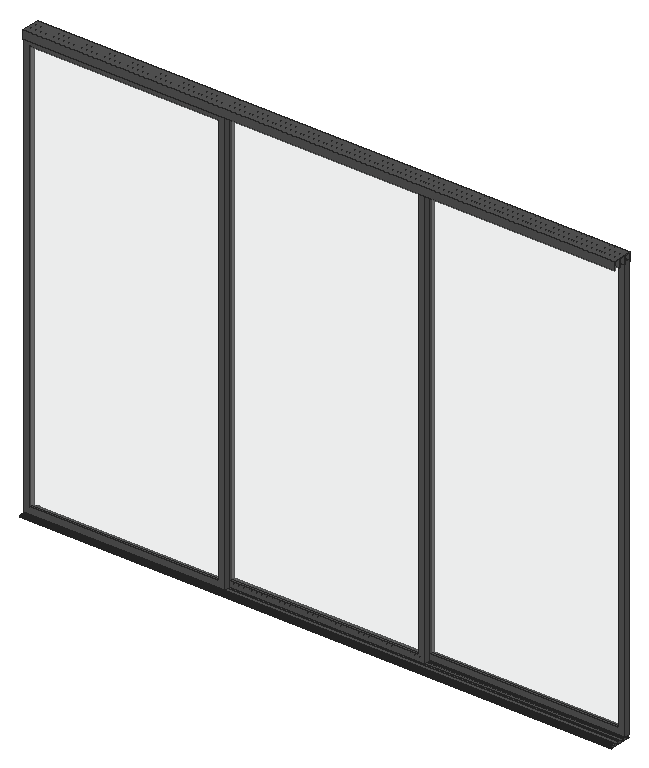
Revit family "Door_FTS RD_The Sliding Door Company_1.5F 3-Panel Triple Track (Ramped)", category Doors, host Wall, Revit 2019
Family settings
  Host = Wall
  OmniClass Number = 23.30.10.00
  OmniClass Title = Doors
  Always vertical = Yes
  Cut with Voids When Loaded = No
  Shared = No
  Room Calculation Point = No
Parameters (values of type "FTS Room Divider - 1.5F 3 Panel 3 Track - ABC/CBA")
  Upper Track Material [instance] = TSDC - Casing/Upper Track - Powder Coated Black
  URL = "https://www.slidingdoorco.com"
  Thickness = 1 1/4"  # constant formula
  Stile/Rail = 1 1/2"  # constant formula
  Rough Width = Finished Opening Width + 5/8" * 2  # 148 1/4"
  Rough Height = Finished Opening Height + 5/8"  # 108 5/8"
  Panel Width = Width / 3 + 1"  # 50"
  Panel Height = Height - 2 1/4"  # 105 3/4"
  Open [instance] = no
  Model = "FTS Room Divider - Full Height System"  # constant formula
  Manufacturer = "The Sliding Door Company"  # constant formula
  Limitations = "Panel Width x System Height cannot exceed 7,400 square inches"  # constant formula
  Glass Thickness = "Available in: 5mm Tempered, 7mm,10mm,11mm Laminated Glass"  # constant formula
  Glass Material [instance] = TSDC - Glass - Clear
  Function = Interior
  Height = if(Finished Opening Height > 108", 108", Finished Opening Height)  # 108"
  Wall Closure = By host
  Width = if(Finished Opening Width > 147", 147", Finished Opening Width)  # 147"
  Fire Rating = "N/A"  # constant formula
  Finished Opening Width = 147"
  Finished Opening Height = 108"
  Door Casing Material [instance] = TSDC - Casing/Upper Track - Powder Coated Black
  Description = "1.5 Frame 3 Panel System with Triple Track (Ramped)"  # constant formula
  Contact The Sliding Door Company = "https://www.slidingdoorco.com/contact"
  Construction Type = "Top Mounted, Ramped Bottom Track"  # constant formula
  Configuration = "ABC/CBA Configuration"  # constant formula
  Closed [instance] = not(Open)  # yes
  Bottom Track Material [instance] = TSDC - Bottom Track - Powder Coated Black
  Analytic Construction = "<None>"
  1 1/2" Frame (No Support Dividers) = "Max. H=108 in., Max. W=147 in. (50 in. panel width)"  # constant formula
Reference planes (in)
  plane 1 "Center (Front/Back)": y = 0
  plane 2 "Center (Left/Right)": x = 0
  plane 3 "Top": z = 108
  plane 4 "Exterior": y = 3
  plane 5 "Interior": y = -3
  plane 6: x = -73.5
  plane 7: x = 73.5
  plane 8: z = 0.625
  plane 9 "2": z = 106.375
  plane 10 "3": z = 107.25
  plane 11: y = -0.67851
  plane 12: x = -24.5
  plane 13: x = 24.5
  plane 14 "Top": z = 96
  plane 15 "2": z = 94.375
  plane 16 "3": z = 95.25
  plane 17 "Top": z = 96
  plane 18 "2": z = 94.375
  plane 19 "3": z = 95.25
  plane 20 "Top": z = 80
  plane 21: x = -50
  plane 22: x = 50
  plane 23 "2": z = 78.375
  plane 24 "3": z = 79.25
Forms (in)
  Extrusion 1, solid, material "TSDC - Casing/Upper Track - Powder Coated Black" <- "Upper Track Material"
    sketch origin (0, 1.25781, 0) x (0, 1, 0) y (0, 0, 1)
      loop
        line (1.74219, 108) -> (-2.99219, 108) -> (-2.99219, 105.875) -> (-2.93359, 105.875) -> (-2.93359, 107.94141) -> (-1.43359, 107.94141) -> (-1.43359, 105.875) -> (-1.375, 105.875) -> (-1.375, 107.94141) -> (0.125, 107.94141) -> (0.125, 105.875) -> (0.18359, 105.875) -> (0.18359, 107.94141) -> (1.68359, 107.94141) -> (1.68359, 105.875) -> (1.74219, 105.875) -> (1.74219, 108)
    from -73.5 to 73.5
  Extrusion 2, solid, material "TSDC - Casing/Upper Track - Powder Coated Black" <- "Door Casing Material", visible <- "Closed"
    sketch origin (47.66587, 2.81641, 0) x (1, 0, 0) y (0, 0, 1)
      loop
        line (25.83413, 106.375) -> (-24.16587, 106.375) -> (-24.16587, 0.625) -> (25.83413, 0.625) -> (25.83413, 106.375)
      loop
        line (24.33413, 104.875) -> (-22.66587, 104.875) -> (-22.66587, 2.125) -> (24.33413, 2.125) -> (24.33413, 104.875)
    from 0 to 1.25
  Extrusion 3, solid, material "TSDC - Glass - Clear" <- "Glass Material", visible <- "Closed"
    sketch origin (47.66587, 2.31641, 0) x (1, 0, 0) y (0, 0, 1)
      loop
        line (24.33413, 104.875) -> (-22.66587, 104.875) -> (-22.66587, 2.125) -> (24.33413, 2.125) -> (24.33413, 104.875)
    from 0 to 0.25
  Extrusion 4, solid, material "TSDC - Bottom Track - Powder Coated Black" <- "Bottom Track Material"
    sketch origin (0, 0.8784, 0.00198) x (0, 1, 0) y (0, 0, 1)
      loop
        line (1.17662, -0.00198) -> (1.7466, -0.00198) -> (1.7466, 0.11422) -> (1.63872, 0.16601) -> (1.5898, 0.16) -> (1.58595, 0.19134) -> (1.49638, 0.23434) -> (1.44746, 0.22833) -> (1.44362, 0.25967) -> (1.35493, 0.30224) -> (1.30601, 0.29623) -> (1.30216, 0.32757) -> (1.21825, 0.36785)
        arc (1.21825, 0.36785) -> (1.19583, 0.37043) -> (1.17662, 0.35859) r 0.03449
        line (1.17662, 0.35859) -> (1.17662, 0.26961) -> (1.14379, 0.26961) -> (1.14379, 0.30227) -> (1.11271, 0.30227) -> (1.11271, 0.05752) -> (1.14379, 0.05752) -> (1.14379, 0.08934) -> (1.17662, 0.08934) -> (1.17662, -0.00198)
      loop
        line (1.6966, 0.05) -> (1.6966, 0.08276) -> (1.2346, 0.30454) -> (1.2346, 0.05) -> (1.6966, 0.05)
    from -73.5 to 73.5
  Extrusion 5, solid, material "TSDC - Bottom Track - Powder Coated Black" <- "Bottom Track Material"
    sketch origin (0, 0.8784, 0.00198) x (0, 1, 0) y (0, 0, 1)
      loop
        arc (1.17662, 0.34104) -> (1.17081, 0.35508) -> (1.15677, 0.36093) r 0.01985
        line (1.15677, 0.36093) -> (1.07541, 0.36093)
        arc (1.07541, 0.36093) -> (1.06136, 0.3551) -> (1.05556, 0.34103) r 0.01985
        line (1.05556, 0.34103) -> (1.05556, 0.20299) -> (0.9831, 0.20299) -> (0.9831, 0.28602)
        arc (0.9831, 0.28602) -> (0.87384, 0.39506) -> (0.76472, 0.28588) r 0.10919
        line (0.76472, 0.28588) -> (0.82428, 0.28588)
        arc (0.82428, 0.28588) -> (0.87397, 0.3355) -> (0.92354, 0.28575) r 0.04963
        line (0.92354, 0.28575) -> (0.92354, 0.14753) -> (1.05556, 0.10767) -> (1.05556, 0.05757) -> (0.38753, 0.05757) -> (0.38753, 0.36093) -> (-0.56932, 0.36093) -> (-0.56932, 0.20299) -> (-0.64178, 0.20299) -> (-0.64178, 0.28602)
        arc (-0.64178, 0.28602) -> (-0.75104, 0.39506) -> (-0.86016, 0.28588) r 0.10919
        line (-0.86016, 0.28588) -> (-0.8006, 0.28588)
        arc (-0.8006, 0.28588) -> (-0.75091, 0.3355) -> (-0.70134, 0.28575) r 0.04963
        line (-0.70134, 0.28575) -> (-0.70134, 0.14753) -> (-0.56932, 0.10767) -> (-0.56932, 0.05757) -> (-1.23735, 0.05757) -> (-1.23735, 0.36093) -> (-2.19421, 0.36093) -> (-2.19421, 0.20299) -> (-2.26667, 0.20299) -> (-2.26667, 0.28602)
        arc (-2.26667, 0.28602) -> (-2.37592, 0.39506) -> (-2.48504, 0.28588) r 0.10919
        line (-2.48504, 0.28588) -> (-2.42548, 0.28588)
        arc (-2.42548, 0.28588) -> (-2.37579, 0.3355) -> (-2.32622, 0.28575) r 0.04963
        line (-2.32622, 0.28575) -> (-2.32622, 0.14753) -> (-2.19421, 0.10767) -> (-2.19421, 0.05757) -> (-2.86223, 0.05757) -> (-2.86223, 0.34103)
        arc (-2.86223, 0.34103) -> (-2.86803, 0.3551) -> (-2.88208, 0.36093) r 0.01985
        line (-2.88208, 0.36093) -> (-2.96344, 0.36093)
        arc (-2.96344, 0.36093) -> (-2.97751, 0.35509) -> (-2.9833, 0.341) r 0.01985
        line (-2.9833, 0.341) -> (-2.9833, 0.26961) -> (-2.95059, 0.26961) -> (-2.95059, 0.30227) -> (-2.91939, 0.30227) -> (-2.91939, 0.05752) -> (-2.95046, 0.05752) -> (-2.95046, 0.08934) -> (-2.9833, 0.08934) -> (-2.9833, -0.00198) -> (-2.13705, -0.00198) -> (-2.10598, 0.05752) -> (-2.13705, 0.05752) -> (-2.13705, 0.30227) -> (-1.29451, 0.30227) -> (-1.29451, 0.05752) -> (-1.32558, 0.05752) -> (-1.29451, -0.00198) -> (-0.51217, -0.00198) -> (-0.4811, 0.05752) -> (-0.51217, 0.05752) -> (-0.51217, 0.30227) -> (0.33038, 0.30227) -> (0.33038, 0.05752) -> (0.2993, 0.05752) -> (0.33038, -0.00198) -> (1.17662, -0.00198) -> (1.17662, 0.08934) -> (1.14379, 0.08934) -> (1.14379, 0.05752) -> (1.11271, 0.05752) -> (1.11271, 0.30227) -> (1.14379, 0.30227) -> (1.14379, 0.26961) -> (1.17662, 0.26961) -> (1.17662, 0.34104)
    from -73.5 to 73.5
  Extrusion 6, solid, material "TSDC - Bottom Track - Powder Coated Black" <- "Bottom Track Material"
    sketch origin (0, -0.92827, 0.00198) x (0, -1, 0) y (0, 0, -1)
      loop
        line (1.17662, 0.00198) -> (1.17662, -0.08934) -> (1.14379, -0.08934) -> (1.14379, -0.05752) -> (1.11271, -0.05752) -> (1.11271, -0.30227) -> (1.14379, -0.30227) -> (1.14379, -0.26961) -> (1.17662, -0.26961) -> (1.17662, -0.35859)
        arc (1.17662, -0.35859) -> (1.19583, -0.37043) -> (1.21825, -0.36785) r 0.03449
        line (1.21825, -0.36785) -> (1.30216, -0.32757) -> (1.30601, -0.29623) -> (1.35493, -0.30224) -> (1.44362, -0.25967) -> (1.44746, -0.22833) -> (1.49638, -0.23434) -> (1.58595, -0.19134) -> (1.5898, -0.16) -> (1.63872, -0.16601) -> (1.7466, -0.11422) -> (1.7466, 0.00198) -> (1.17662, 0.00198)
      loop
        line (1.6966, -0.05) -> (1.2346, -0.05) -> (1.2346, -0.30454) -> (1.6966, -0.08276) -> (1.6966, -0.05)
    from -73.5 to 73.5
  Extrusion 7, solid, material "TSDC - Casing/Upper Track - Powder Coated Black" <- "Door Casing Material", visible <- "Closed"
    sketch origin (-11.83413, 1.25781, 0) x (1, 0, 0) y (0, 0, 1)
      loop
        line (36.83413, 106.375) -> (-13.16587, 106.375) -> (-13.16587, 0.625) -> (36.83413, 0.625) -> (36.83413, 106.375)
      loop
        line (35.33413, 104.875) -> (-11.66587, 104.875) -> (-11.66587, 2.125) -> (35.33413, 2.125) -> (35.33413, 104.875)
    from 0 to 1.25
  Extrusion 8, solid, material "TSDC - Glass - Clear" <- "Glass Material", visible <- "Closed"
    sketch origin (-11.83413, 0.75781, 0) x (1, 0, 0) y (0, 0, 1)
      loop
        line (35.33413, 104.875) -> (-11.66587, 104.875) -> (-11.66587, 2.125) -> (35.33413, 2.125) -> (35.33413, 104.875)
    from 0 to 0.25
  Extrusion 9, solid, material "TSDC - Casing/Upper Track - Powder Coated Black" <- "Door Casing Material", visible <- "Closed"
    sketch origin (-71.33413, -0.30078, 0) x (1, 0, 0) y (0, 0, 1)
      loop
        line (47.83413, 106.375) -> (-2.16587, 106.375) -> (-2.16587, 0.625) -> (47.83413, 0.625) -> (47.83413, 106.375)
      loop
        line (46.33413, 104.875) -> (-0.66587, 104.875) -> (-0.66587, 2.125) -> (46.33413, 2.125) -> (46.33413, 104.875)
    from 0 to 1.25
  Extrusion 10, solid, material "TSDC - Glass - Clear" <- "Glass Material", visible <- "Closed"
    sketch origin (-71.33413, -0.80078, 0) x (1, 0, 0) y (0, 0, 1)
      loop
        line (46.33413, 104.875) -> (-0.66587, 104.875) -> (-0.66587, 2.125) -> (46.33413, 2.125) -> (46.33413, 104.875)
    from 0 to 0.25
  Extrusion 11, solid, material "TSDC - Casing/Upper Track - Powder Coated Black", not visible
    sketch origin (0, 0.8784, 0.00198) x (0, 1, 0) y (0, 0, 1)
      loop
        line (1.17662, -0.00198) -> (1.7466, -0.00198) -> (1.7466, 0.11422) -> (1.63872, 0.16601) -> (1.5898, 0.16) -> (1.58595, 0.19134) -> (1.49638, 0.23434) -> (1.44746, 0.22833) -> (1.44362, 0.25967) -> (1.35493, 0.30224) -> (1.30601, 0.29623) -> (1.30216, 0.32757) -> (1.21825, 0.36785)
        arc (1.21825, 0.36785) -> (1.19583, 0.37043) -> (1.17662, 0.35859) r 0.03449
        line (1.17662, 0.35859) -> (1.17662, 0.26961) -> (1.14379, 0.26961) -> (1.14379, 0.30227) -> (1.11271, 0.30227) -> (1.11271, 0.05752) -> (1.14379, 0.05752) -> (1.14379, 0.08934) -> (1.17662, 0.08934) -> (1.17662, -0.00198)
      loop
        line (1.6966, 0.05) -> (1.6966, 0.08276) -> (1.2346, 0.30454) -> (1.2346, 0.05) -> (1.6966, 0.05)
    from -50 to 50
  Extrusion 12, solid, material "TSDC - Casing/Upper Track - Powder Coated Black", not visible
    sketch origin (0, 0.8784, 0.00198) x (0, 1, 0) y (0, 0, 1)
      loop
        arc (1.17662, 0.34104) -> (1.17081, 0.35508) -> (1.15677, 0.36093) r 0.01985
        line (1.15677, 0.36093) -> (1.07541, 0.36093)
        arc (1.07541, 0.36093) -> (1.06136, 0.3551) -> (1.05556, 0.34103) r 0.01985
        line (1.05556, 0.34103) -> (1.05556, 0.20299) -> (0.9831, 0.20299) -> (0.9831, 0.28602)
        arc (0.9831, 0.28602) -> (0.87384, 0.39506) -> (0.76472, 0.28588) r 0.10919
        line (0.76472, 0.28588) -> (0.82428, 0.28588)
        arc (0.82428, 0.28588) -> (0.87397, 0.3355) -> (0.92354, 0.28575) r 0.04963
        line (0.92354, 0.28575) -> (0.92354, 0.14753) -> (1.05556, 0.10767) -> (1.05556, 0.05757) -> (0.38753, 0.05757) -> (0.38753, 0.36093) -> (-0.56932, 0.36093) -> (-0.56932, 0.20299) -> (-0.64178, 0.20299) -> (-0.64178, 0.28602)
        arc (-0.64178, 0.28602) -> (-0.75104, 0.39506) -> (-0.86016, 0.28588) r 0.10919
        line (-0.86016, 0.28588) -> (-0.8006, 0.28588)
        arc (-0.8006, 0.28588) -> (-0.75091, 0.3355) -> (-0.70134, 0.28575) r 0.04963
        line (-0.70134, 0.28575) -> (-0.70134, 0.14753) -> (-0.56932, 0.10767) -> (-0.56932, 0.05757) -> (-1.23735, 0.05757) -> (-1.23735, 0.36093) -> (-2.19421, 0.36093) -> (-2.19421, 0.20299) -> (-2.26667, 0.20299) -> (-2.26667, 0.28602)
        arc (-2.26667, 0.28602) -> (-2.37592, 0.39506) -> (-2.48504, 0.28588) r 0.10919
        line (-2.48504, 0.28588) -> (-2.42548, 0.28588)
        arc (-2.42548, 0.28588) -> (-2.37579, 0.3355) -> (-2.32622, 0.28575) r 0.04963
        line (-2.32622, 0.28575) -> (-2.32622, 0.14753) -> (-2.19421, 0.10767) -> (-2.19421, 0.05757) -> (-2.86223, 0.05757) -> (-2.86223, 0.34103)
        arc (-2.86223, 0.34103) -> (-2.86803, 0.3551) -> (-2.88208, 0.36093) r 0.01985
        line (-2.88208, 0.36093) -> (-2.96344, 0.36093)
        arc (-2.96344, 0.36093) -> (-2.97751, 0.35509) -> (-2.9833, 0.341) r 0.01985
        line (-2.9833, 0.341) -> (-2.9833, 0.26961) -> (-2.95059, 0.26961) -> (-2.95059, 0.30227) -> (-2.91939, 0.30227) -> (-2.91939, 0.05752) -> (-2.95046, 0.05752) -> (-2.95046, 0.08934) -> (-2.9833, 0.08934) -> (-2.9833, -0.00198) -> (-2.13705, -0.00198) -> (-2.10598, 0.05752) -> (-2.13705, 0.05752) -> (-2.13705, 0.30227) -> (-1.29451, 0.30227) -> (-1.29451, 0.05752) -> (-1.32558, 0.05752) -> (-1.29451, -0.00198) -> (-0.51217, -0.00198) -> (-0.4811, 0.05752) -> (-0.51217, 0.05752) -> (-0.51217, 0.30227) -> (0.33038, 0.30227) -> (0.33038, 0.05752) -> (0.2993, 0.05752) -> (0.33038, -0.00198) -> (1.17662, -0.00198) -> (1.17662, 0.08934) -> (1.14379, 0.08934) -> (1.14379, 0.05752) -> (1.11271, 0.05752) -> (1.11271, 0.30227) -> (1.14379, 0.30227) -> (1.14379, 0.26961) -> (1.17662, 0.26961) -> (1.17662, 0.34104)
    from -50 to 50
  Extrusion 13, solid, material "TSDC - Casing/Upper Track - Powder Coated Black", not visible
    sketch origin (0, -0.92827, 0.00198) x (0, -1, 0) y (0, 0, -1)
      loop
        line (1.17662, 0.00198) -> (1.17662, -0.08934) -> (1.14379, -0.08934) -> (1.14379, -0.05752) -> (1.11271, -0.05752) -> (1.11271, -0.30227) -> (1.14379, -0.30227) -> (1.14379, -0.26961) -> (1.17662, -0.26961) -> (1.17662, -0.35859)
        arc (1.17662, -0.35859) -> (1.19583, -0.37043) -> (1.21825, -0.36785) r 0.03449
        line (1.21825, -0.36785) -> (1.30216, -0.32757) -> (1.30601, -0.29623) -> (1.35493, -0.30224) -> (1.44362, -0.25967) -> (1.44746, -0.22833) -> (1.49638, -0.23434) -> (1.58595, -0.19134) -> (1.5898, -0.16) -> (1.63872, -0.16601) -> (1.7466, -0.11422) -> (1.7466, 0.00198) -> (1.17662, 0.00198)
      loop
        line (1.6966, -0.05) -> (1.2346, -0.05) -> (1.2346, -0.30454) -> (1.6966, -0.08276) -> (1.6966, -0.05)
    from -50 to 50
  Extrusion 14, solid, material "TSDC - Casing/Upper Track - Powder Coated Black", not visible
    sketch origin (0, 1.25781, 0) x (0, 1, 0) y (0, 0, 1)
      loop
        line (1.74219, 96) -> (-2.99219, 96) -> (-2.99219, 93.875) -> (-2.93359, 93.875) -> (-2.93359, 95.94141) -> (-1.43359, 95.94141) -> (-1.43359, 93.875) -> (-1.375, 93.875) -> (-1.375, 95.94141) -> (0.125, 95.94141) -> (0.125, 93.875) -> (0.18359, 93.875) -> (0.18359, 95.94141) -> (1.68359, 95.94141) -> (1.68359, 93.875) -> (1.74219, 93.875) -> (1.74219, 96)
    from -50 to 50
  Extrusion 15, solid, material "TSDC - Casing/Upper Track - Powder Coated Black", visible <- "Open", not visible
    sketch origin (-18.0008, 2.81641, 0) x (1, 0, 0) y (0, 0, 1)
      loop
        line (2.33413, 94.375) -> (-31.9992, 94.375) -> (-31.9992, 0.625) -> (2.33413, 0.625) -> (2.33413, 94.375)
      loop
        line (0.83413, 92.875) -> (-30.4992, 92.875) -> (-30.4992, 2.125) -> (0.83413, 2.125) -> (0.83413, 92.875)
    from 0 to 1.25
  Extrusion 16, solid, material "TSDC - Glass - Clear", visible <- "Open", not visible
    sketch origin (-18.0008, 2.31641, 0) x (1, 0, 0) y (0, 0, 1)
      loop
        line (0.83413, 92.875) -> (-30.4992, 92.875) -> (-30.4992, 2.125) -> (0.83413, 2.125) -> (0.83413, 92.875)
    from 0 to 0.25
  Extrusion 17, solid, material "TSDC - Casing/Upper Track - Powder Coated Black", visible <- "Open", not visible
    sketch origin (-44.66746, 1.25781, 0) x (1, 0, 0) y (0, 0, 1)
      loop
        line (29.0008, 94.375) -> (-5.33254, 94.375) -> (-5.33254, 0.625) -> (29.0008, 0.625) -> (29.0008, 94.375)
      loop
        line (27.5008, 92.875) -> (-3.83254, 92.875) -> (-3.83254, 2.125) -> (27.5008, 2.125) -> (27.5008, 92.875)
    from 0 to 1.25
  Extrusion 18, solid, material "TSDC - Glass - Clear", visible <- "Open", not visible
    sketch origin (-44.66746, 0.75781, 0) x (1, 0, 0) y (0, 0, 1)
      loop
        line (27.5008, 92.875) -> (-3.83254, 92.875) -> (-3.83254, 2.125) -> (27.5008, 2.125) -> (27.5008, 92.875)
    from 0 to 0.25
  Extrusion 19, solid, material "TSDC - Casing/Upper Track - Powder Coated Black", visible <- "Open", not visible
    sketch origin (-71.33413, -0.30078, 0) x (1, 0, 0) y (0, 0, 1)
      loop
        line (55.66746, 94.375) -> (21.33413, 94.375) -> (21.33413, 0.625) -> (55.66746, 0.625) -> (55.66746, 94.375)
      loop
        line (54.16746, 92.875) -> (22.83413, 92.875) -> (22.83413, 2.125) -> (54.16746, 2.125) -> (54.16746, 92.875)
    from 0 to 1.25
  Extrusion 20, solid, material "TSDC - Glass - Clear", visible <- "Open", not visible
    sketch origin (-71.33413, -0.80078, 0) x (1, 0, 0) y (0, 0, 1)
      loop
        line (54.16746, 92.875) -> (22.83413, 92.875) -> (22.83413, 2.125) -> (54.16746, 2.125) -> (54.16746, 92.875)
    from 0 to 0.25
  Extrusion 21, solid, material "TSDC - Casing/Upper Track - Powder Coated Black", visible <- "Closed", not visible
    sketch origin (-11.83413, 1.25781, 0) x (1, 0, 0) y (0, 0, 1)
      loop
        line (29.0008, 94.375) -> (-5.33254, 94.375) -> (-5.33254, 0.625) -> (29.0008, 0.625) -> (29.0008, 94.375)
      loop
        line (27.5008, 92.875) -> (-3.83254, 92.875) -> (-3.83254, 2.125) -> (27.5008, 2.125) -> (27.5008, 92.875)
    from 0 to 1.25
  Extrusion 22, solid, material "TSDC - Glass - Clear", visible <- "Closed", not visible
    sketch origin (-11.83413, 0.75781, 0) x (1, 0, 0) y (0, 0, 1)
      loop
        line (27.5008, 92.875) -> (-3.83254, 92.875) -> (-3.83254, 2.125) -> (27.5008, 2.125) -> (27.5008, 92.875)
    from 0 to 0.25
  Extrusion 23, solid, material "TSDC - Casing/Upper Track - Powder Coated Black", visible <- "Closed", not visible
    sketch origin (47.66587, 2.81641, 0) x (1, 0, 0) y (0, 0, 1)
      loop
        line (2.33413, 94.375) -> (-31.9992, 94.375) -> (-31.9992, 0.625) -> (2.33413, 0.625) -> (2.33413, 94.375)
      loop
        line (0.83413, 92.875) -> (-30.4992, 92.875) -> (-30.4992, 2.125) -> (0.83413, 2.125) -> (0.83413, 92.875)
    from 0 to 1.25
  Extrusion 24, solid, material "TSDC - Glass - Clear", visible <- "Closed", not visible
    sketch origin (47.66587, 2.31641, 0) x (1, 0, 0) y (0, 0, 1)
      loop
        line (0.83413, 92.875) -> (-30.4992, 92.875) -> (-30.4992, 2.125) -> (0.83413, 2.125) -> (0.83413, 92.875)
    from 0 to 0.25
  Extrusion 25, solid, material "TSDC - Casing/Upper Track - Powder Coated Black", visible <- "Closed", not visible
    sketch origin (-71.33413, -0.30078, 0) x (1, 0, 0) y (0, 0, 1)
      loop
        line (55.66746, 94.375) -> (21.33413, 94.375) -> (21.33413, 0.625) -> (55.66746, 0.625) -> (55.66746, 94.375)
      loop
        line (54.16746, 92.875) -> (22.83413, 92.875) -> (22.83413, 2.125) -> (54.16746, 2.125) -> (54.16746, 92.875)
    from 0 to 1.25
  Extrusion 26, solid, material "TSDC - Glass - Clear", visible <- "Closed", not visible
    sketch origin (-71.33413, -0.80078, 0) x (1, 0, 0) y (0, 0, 1)
      loop
        line (54.16746, 92.875) -> (22.83413, 92.875) -> (22.83413, 2.125) -> (54.16746, 2.125) -> (54.16746, 92.875)
    from 0 to 0.25
  Extrusion 27, solid, material "TSDC - Casing/Upper Track - Powder Coated Black", not visible
    sketch origin (0, 1.25781, 0) x (0, 1, 0) y (0, 0, 1)
      loop
        line (1.74219, 96) -> (-2.99219, 96) -> (-2.99219, 93.875) -> (-2.93359, 93.875) -> (-2.93359, 95.94141) -> (-1.43359, 95.94141) -> (-1.43359, 93.875) -> (-1.375, 93.875) -> (-1.375, 95.94141) -> (0.125, 95.94141) -> (0.125, 93.875) -> (0.18359, 93.875) -> (0.18359, 95.94141) -> (1.68359, 95.94141) -> (1.68359, 93.875) -> (1.74219, 93.875) -> (1.74219, 96)
    from -50 to 50
  Extrusion 28, solid, material "TSDC - Casing/Upper Track - Powder Coated Black" <- "Door Casing Material", visible <- "Open"
    sketch origin (-18.0008, 2.81641, 0) x (1, 0, 0) y (0, 0, 1)
      loop
        line (-5.4992, 106.375) -> (-55.4992, 106.375) -> (-55.4992, 0.625) -> (-5.4992, 0.625) -> (-5.4992, 106.375)
      loop
        line (-6.9992, 104.875) -> (-53.9992, 104.875) -> (-53.9992, 2.125) -> (-6.9992, 2.125) -> (-6.9992, 104.875)
    from 0 to 1.25
  Extrusion 29, solid, material "TSDC - Glass - Clear" <- "Glass Material", visible <- "Open"
    sketch origin (-18.0008, 2.31641, 0) x (1, 0, 0) y (0, 0, 1)
      loop
        line (-6.9992, 104.875) -> (-53.9992, 104.875) -> (-53.9992, 2.125) -> (-6.9992, 2.125) -> (-6.9992, 104.875)
    from 0 to 0.25
  Extrusion 30, solid, material "TSDC - Casing/Upper Track - Powder Coated Black" <- "Door Casing Material", visible <- "Open"
    sketch origin (-44.66746, 1.25781, 0) x (1, 0, 0) y (0, 0, 1)
      loop
        line (21.16746, 106.375) -> (-28.83254, 106.375) -> (-28.83254, 0.625) -> (21.16746, 0.625) -> (21.16746, 106.375)
      loop
        line (19.66746, 104.875) -> (-27.33254, 104.875) -> (-27.33254, 2.125) -> (19.66746, 2.125) -> (19.66746, 104.875)
    from 0 to 1.25
  Extrusion 31, solid, material "TSDC - Glass - Clear" <- "Glass Material", visible <- "Open"
    sketch origin (-44.66746, 0.75781, 0) x (1, 0, 0) y (0, 0, 1)
      loop
        line (19.66746, 104.875) -> (-27.33254, 104.875) -> (-27.33254, 2.125) -> (19.66746, 2.125) -> (19.66746, 104.875)
    from 0 to 0.25
  Extrusion 32, solid, material "TSDC - Casing/Upper Track - Powder Coated Black" <- "Door Casing Material", visible <- "Open"
    sketch origin (-71.33413, -0.30078, 0) x (1, 0, 0) y (0, 0, 1)
      loop
        line (47.83413, 106.375) -> (-2.16587, 106.375) -> (-2.16587, 0.625) -> (47.83413, 0.625) -> (47.83413, 106.375)
      loop
        line (46.33413, 104.875) -> (-0.66587, 104.875) -> (-0.66587, 2.125) -> (46.33413, 2.125) -> (46.33413, 104.875)
    from 0 to 1.25
  Extrusion 33, solid, material "TSDC - Glass - Clear" <- "Glass Material", visible <- "Open"
    sketch origin (-71.33413, -0.80078, 0) x (1, 0, 0) y (0, 0, 1)
      loop
        line (46.33413, 104.875) -> (-0.66587, 104.875) -> (-0.66587, 2.125) -> (46.33413, 2.125) -> (46.33413, 104.875)
    from 0 to 0.25
  Extrusion 34, solid, material "TSDC - Casing/Upper Track - Powder Coated Black", not visible
    sketch origin (0, 1.25781, 0) x (0, 1, 0) y (0, 0, 1)
      loop
        line (1.74219, 96) -> (-2.99219, 96) -> (-2.99219, 93.875) -> (-2.93359, 93.875) -> (-2.93359, 95.94141) -> (-1.43359, 95.94141) -> (-1.43359, 93.875) -> (-1.375, 93.875) -> (-1.375, 95.94141) -> (0.125, 95.94141) -> (0.125, 93.875) -> (0.18359, 93.875) -> (0.18359, 95.94141) -> (1.68359, 95.94141) -> (1.68359, 93.875) -> (1.74219, 93.875) -> (1.74219, 96)
    from -50 to 50
  Extrusion 35, solid, material "TSDC - Casing/Upper Track - Powder Coated Black", not visible
    sketch origin (0, 1.25781, 0) x (0, 1, 0) y (0, 0, 1)
      loop
        line (1.74219, 96) -> (-2.99219, 96) -> (-2.99219, 93.875) -> (-2.93359, 93.875) -> (-2.93359, 95.94141) -> (-1.43359, 95.94141) -> (-1.43359, 93.875) -> (-1.375, 93.875) -> (-1.375, 95.94141) -> (0.125, 95.94141) -> (0.125, 93.875) -> (0.18359, 93.875) -> (0.18359, 95.94141) -> (1.68359, 95.94141) -> (1.68359, 93.875) -> (1.74219, 93.875) -> (1.74219, 96)
    from -50 to 50
  Extrusion 36, solid, material "TSDC - Casing/Upper Track - Powder Coated Black", not visible
    sketch origin (0, 0.8784, 0.00198) x (0, 1, 0) y (0, 0, 1)
      loop
        line (1.17662, -0.00198) -> (1.7466, -0.00198) -> (1.7466, 0.11422) -> (1.63872, 0.16601) -> (1.5898, 0.16) -> (1.58595, 0.19134) -> (1.49638, 0.23434) -> (1.44746, 0.22833) -> (1.44362, 0.25967) -> (1.35493, 0.30224) -> (1.30601, 0.29623) -> (1.30216, 0.32757) -> (1.21825, 0.36785)
        arc (1.21825, 0.36785) -> (1.19583, 0.37043) -> (1.17662, 0.35859) r 0.03449
        line (1.17662, 0.35859) -> (1.17662, 0.26961) -> (1.14379, 0.26961) -> (1.14379, 0.30227) -> (1.11271, 0.30227) -> (1.11271, 0.05752) -> (1.14379, 0.05752) -> (1.14379, 0.08934) -> (1.17662, 0.08934) -> (1.17662, -0.00198)
      loop
        line (1.6966, 0.05) -> (1.6966, 0.08276) -> (1.2346, 0.30454) -> (1.2346, 0.05) -> (1.6966, 0.05)
    from -50 to 50
  Extrusion 37, solid, material "TSDC - Casing/Upper Track - Powder Coated Black", not visible
    sketch origin (0, 0.8784, 0.00198) x (0, 1, 0) y (0, 0, 1)
      loop
        arc (1.17662, 0.34104) -> (1.17081, 0.35508) -> (1.15677, 0.36093) r 0.01985
        line (1.15677, 0.36093) -> (1.07541, 0.36093)
        arc (1.07541, 0.36093) -> (1.06136, 0.3551) -> (1.05556, 0.34103) r 0.01985
        line (1.05556, 0.34103) -> (1.05556, 0.20299) -> (0.9831, 0.20299) -> (0.9831, 0.28602)
        arc (0.9831, 0.28602) -> (0.87384, 0.39506) -> (0.76472, 0.28588) r 0.10919
        line (0.76472, 0.28588) -> (0.82428, 0.28588)
        arc (0.82428, 0.28588) -> (0.87397, 0.3355) -> (0.92354, 0.28575) r 0.04963
        line (0.92354, 0.28575) -> (0.92354, 0.14753) -> (1.05556, 0.10767) -> (1.05556, 0.05757) -> (0.38753, 0.05757) -> (0.38753, 0.36093) -> (-0.56932, 0.36093) -> (-0.56932, 0.20299) -> (-0.64178, 0.20299) -> (-0.64178, 0.28602)
        arc (-0.64178, 0.28602) -> (-0.75104, 0.39506) -> (-0.86016, 0.28588) r 0.10919
        line (-0.86016, 0.28588) -> (-0.8006, 0.28588)
        arc (-0.8006, 0.28588) -> (-0.75091, 0.3355) -> (-0.70134, 0.28575) r 0.04963
        line (-0.70134, 0.28575) -> (-0.70134, 0.14753) -> (-0.56932, 0.10767) -> (-0.56932, 0.05757) -> (-1.23735, 0.05757) -> (-1.23735, 0.36093) -> (-2.19421, 0.36093) -> (-2.19421, 0.20299) -> (-2.26667, 0.20299) -> (-2.26667, 0.28602)
        arc (-2.26667, 0.28602) -> (-2.37592, 0.39506) -> (-2.48504, 0.28588) r 0.10919
        line (-2.48504, 0.28588) -> (-2.42548, 0.28588)
        arc (-2.42548, 0.28588) -> (-2.37579, 0.3355) -> (-2.32622, 0.28575) r 0.04963
        line (-2.32622, 0.28575) -> (-2.32622, 0.14753) -> (-2.19421, 0.10767) -> (-2.19421, 0.05757) -> (-2.86223, 0.05757) -> (-2.86223, 0.34103)
        arc (-2.86223, 0.34103) -> (-2.86803, 0.3551) -> (-2.88208, 0.36093) r 0.01985
        line (-2.88208, 0.36093) -> (-2.96344, 0.36093)
        arc (-2.96344, 0.36093) -> (-2.97751, 0.35509) -> (-2.9833, 0.341) r 0.01985
        line (-2.9833, 0.341) -> (-2.9833, 0.26961) -> (-2.95059, 0.26961) -> (-2.95059, 0.30227) -> (-2.91939, 0.30227) -> (-2.91939, 0.05752) -> (-2.95046, 0.05752) -> (-2.95046, 0.08934) -> (-2.9833, 0.08934) -> (-2.9833, -0.00198) -> (-2.13705, -0.00198) -> (-2.10598, 0.05752) -> (-2.13705, 0.05752) -> (-2.13705, 0.30227) -> (-1.29451, 0.30227) -> (-1.29451, 0.05752) -> (-1.32558, 0.05752) -> (-1.29451, -0.00198) -> (-0.51217, -0.00198) -> (-0.4811, 0.05752) -> (-0.51217, 0.05752) -> (-0.51217, 0.30227) -> (0.33038, 0.30227) -> (0.33038, 0.05752) -> (0.2993, 0.05752) -> (0.33038, -0.00198) -> (1.17662, -0.00198) -> (1.17662, 0.08934) -> (1.14379, 0.08934) -> (1.14379, 0.05752) -> (1.11271, 0.05752) -> (1.11271, 0.30227) -> (1.14379, 0.30227) -> (1.14379, 0.26961) -> (1.17662, 0.26961) -> (1.17662, 0.34104)
    from -50 to 50
  Extrusion 38, solid, material "TSDC - Casing/Upper Track - Powder Coated Black", not visible
    sketch origin (0, -0.92827, 0.00198) x (0, -1, 0) y (0, 0, -1)
      loop
        line (1.17662, 0.00198) -> (1.17662, -0.08934) -> (1.14379, -0.08934) -> (1.14379, -0.05752) -> (1.11271, -0.05752) -> (1.11271, -0.30227) -> (1.14379, -0.30227) -> (1.14379, -0.26961) -> (1.17662, -0.26961) -> (1.17662, -0.35859)
        arc (1.17662, -0.35859) -> (1.19583, -0.37043) -> (1.21825, -0.36785) r 0.03449
        line (1.21825, -0.36785) -> (1.30216, -0.32757) -> (1.30601, -0.29623) -> (1.35493, -0.30224) -> (1.44362, -0.25967) -> (1.44746, -0.22833) -> (1.49638, -0.23434) -> (1.58595, -0.19134) -> (1.5898, -0.16) -> (1.63872, -0.16601) -> (1.7466, -0.11422) -> (1.7466, 0.00198) -> (1.17662, 0.00198)
      loop
        line (1.6966, -0.05) -> (1.2346, -0.05) -> (1.2346, -0.30454) -> (1.6966, -0.08276) -> (1.6966, -0.05)
    from -50 to 50
  Extrusion 39, solid, material "TSDC - Casing/Upper Track - Powder Coated Black", not visible
    sketch origin (0, 1.25781, -16) x (0, 1, 0) y (0, 0, 1)
      loop
        line (1.74219, 96) -> (-2.99219, 96) -> (-2.99219, 93.875) -> (-2.93359, 93.875) -> (-2.93359, 95.94141) -> (-1.43359, 95.94141) -> (-1.43359, 93.875) -> (-1.375, 93.875) -> (-1.375, 95.94141) -> (0.125, 95.94141) -> (0.125, 93.875) -> (0.18359, 93.875) -> (0.18359, 95.94141) -> (1.68359, 95.94141) -> (1.68359, 93.875) -> (1.74219, 93.875) -> (1.74219, 96)
    from -50 to 50
Lines and regions (in)
  Opening 1
    outline origin (-60, -3, 0) x (1, 0, 0) y (0, 0, 1)
      loop
        line (133.5, 108) -> (-13.5, 108) -> (-13.5, 0) -> (133.5, 0) -> (133.5, 108)
Text (in)
  text "Exterior" at (-165.54235, 27.31104, 0), in view "Ref. Level"
  text "Interior" at (-165.54235, -25.14366, 0), in view "Ref. Level"
  text "Exterior" at (0, 40.15149, 123.01588), in view "Right"
  text "Interior" at (0, -64.39139, 123.01588), in view "Right"
  text "Interior" at (0, -31.01599, 123.00693), in view "Left"
  text "Exterior" at (0, 54.57065, 123.00693), in view "Left"
Dimensions and locks (in)
  locked: plane 9 "2" to plane 3 "Top" at 1.625
  equal spacing: plane 6, plane 2 "Center (Left/Right)", plane 7
  locked: plane 10 "3" to plane 3 "Top" at 0.75
  "Stile/Rail": Extrusion 2 to Extrusion 2  (x4)
  equal spacing: plane 6, plane 12, plane 13, plane 7
  "Stile/Rail": Extrusion 7 to Extrusion 7  (x4)
  "Stile/Rail": Extrusion 9 to Extrusion 9  (x4)
  "Stile/Rail": Extrusion 28 to Extrusion 28  (x4)
  "Stile/Rail": Extrusion 30 to Extrusion 30  (x4)
  "Stile/Rail": Extrusion 32 to Extrusion 32  (x4)
  locked: plane 4 "Exterior" to Extrusion 4 at 0.375
  plane 4 "Exterior" to Extrusion 5 to Extrusion 6 = 0.94497" locked, 4.15992" locked
  locked: plane 4 "Exterior" to Extrusion 6 at 5.67487
  Extrusion 9 to Extrusion 9 to Extrusion 7 to Extrusion 7 to Extrusion 2 to Extrusion 2 to plane 4 "Exterior" = 1 1/4" locked, 79/256" locked, 1 1/4" locked, 79/256" locked, 1 1/4" locked, 47/256" locked
  Extrusion 10 to Extrusion 10 to Extrusion 8 to Extrusion 8 to Extrusion 3 to Extrusion 3 to plane 4 "Exterior" = 1/4" locked, 1 79/256" locked, 1/4" locked, 1 79/256" locked, 1/4" locked, 175/256" locked
  plane 4 "Exterior" to Extrusion 28 to Extrusion 28 to Extrusion 30 to Extrusion 30 to Extrusion 32 to Extrusion 32 = 47/256" locked, 1 1/4" locked, 79/256" locked, 1 1/4" locked, 79/256" locked, 1 1/4" locked
  plane 4 "Exterior" to Extrusion 29 to Extrusion 29 to Extrusion 31 to Extrusion 31 to Extrusion 33 to Extrusion 33 = 175/256" locked, 1/4" locked, 1 79/256" locked, 1/4" locked, 1 79/256" locked, 1/4" locked
  "Height": level to plane 3 "Top"
  "Width": plane 6 to plane 7
  plane 6 to Extrusion 32 = 50"
  Extrusion 30 to Extrusion 7 = 50"
  Extrusion 2 to Extrusion 2 = 50"
  aligned and locked: plane 4 "Exterior" to host wall
  aligned and locked: host wall to plane 5 "Interior"
  aligned and locked: plane 7 to Extrusion 5
  aligned and locked: plane 7 to Extrusion 4
  aligned and locked: plane 7 to Extrusion 6
  aligned and locked: Extrusion 6 to plane 6
  aligned and locked: Extrusion 5 to plane 6
  aligned and locked: Extrusion 4 to plane 6
  aligned and locked: Extrusion 1 to plane 6
  aligned and locked: plane 7 to Extrusion 1
  aligned and locked: Extrusion 3 to Extrusion 2  (x4)
  aligned and locked: Extrusion 8 to Extrusion 7  (x4)
  aligned and locked: Extrusion 10 to Extrusion 9  (x4)
  aligned and locked: Opening 1 sketch curve to Extrusion 1  (x2)
  aligned and locked: Opening 1 sketch curve to Extrusion 4  (x2)
  aligned and locked: Extrusion 9 to plane 9 "2"
  aligned and locked: Extrusion 9 to plane 8
  aligned and locked: Extrusion 9 to Extrusion 7
  aligned and locked: Extrusion 7 to Extrusion 2
  aligned and locked: Extrusion 29 to Extrusion 28  (x4)
  aligned and locked: Extrusion 31 to Extrusion 30  (x4)
  aligned and locked: Extrusion 33 to Extrusion 32  (x4)
Automatic sketch dimensions
  Extrusion 11 sketch curve to Extrusion 11 sketch curve = 0.03107"  (x2)
  Extrusion 11 sketch curve to Extrusion 11 sketch curve = 0.03284"  (x2)
  Extrusion 11 sketch curve to Extrusion 11 sketch curve = 0.0267"
  Extrusion 11 sketch curve to Extrusion 11 sketch curve = 0.01493"
  Extrusion 11 sketch curve to Extrusion 11 sketch curve = 0.05797"
  Extrusion 11 sketch curve to Extrusion 11 sketch curve = 0.06757"
  Extrusion 11 sketch curve to Extrusion 11 sketch curve = 0.00385"  (x3)
  Extrusion 11 sketch curve to Extrusion 11 sketch curve = 0.04892"  (x3)
  Extrusion 11 sketch curve to Extrusion 11 sketch curve = 0.08869"
  Extrusion 11 sketch curve to Extrusion 11 sketch curve = 0.08957"
  Extrusion 11 sketch curve to Extrusion 11 sketch curve = 0.05788"
  Extrusion 11 sketch curve to Extrusion 11 sketch curve = 0.05"
  Extrusion 11 sketch curve to Extrusion 11 sketch curve = 0.03276"
  Extrusion 11 sketch curve to Extrusion 11 sketch curve = 0.03182"
  Extrusion 11 sketch curve to Extrusion 11 sketch curve = 0.03146"
  Extrusion 11 sketch curve to Extrusion 11 sketch curve = 0.00601"  (x3)
  Extrusion 11 sketch curve to Extrusion 11 sketch curve = 0.09824"
  Extrusion 11 sketch curve to Extrusion 11 sketch curve = 0.03266"
  Extrusion 11 sketch curve to Extrusion 11 sketch curve = 0.06331"
  Extrusion 11 sketch curve to Extrusion 11 sketch curve = 0.03109"
  Extrusion 12 sketch curve to Extrusion 12 sketch curve = 0"  (x25)
  Extrusion 12 sketch curve to Extrusion 12 sketch curve = 0.01985"  (x3)
  Extrusion 12 sketch curve to Extrusion 12 sketch curve = 0.03271"
  Extrusion 12 sketch curve to Extrusion 12 sketch curve = 0.03284"  (x3)
  Extrusion 12 sketch curve to Extrusion 12 sketch curve = 0.03107"  (x9)
  Extrusion 12 sketch curve to Extrusion 12 sketch curve = 0.0373"
  Extrusion 12 sketch curve to Extrusion 12 sketch curve = 0.37719"  (x3)
  Extrusion 12 sketch curve to Extrusion 12 sketch curve = 0.05956"  (x6)
  Extrusion 12 sketch curve to Extrusion 12 sketch curve = 0.04963"  (x6)
  Extrusion 12 sketch curve to Extrusion 12 sketch curve = 0.07246"  (x4)
  Extrusion 12 sketch curve to Extrusion 12 sketch curve = 0.05716"  (x5)
  Extrusion 12 sketch curve to Extrusion 12 sketch curve = 0.7804"  (x2)
  Extrusion 12 sketch curve to Extrusion 12 sketch curve = 0.01299"
  Extrusion 12 sketch curve to Extrusion 12 sketch curve = 0.00005"  (x5)
  Extrusion 12 sketch curve to Extrusion 12 sketch curve = 0.03182"  (x2)
  Extrusion 12 sketch curve to Extrusion 12 sketch curve = 0.0501"  (x3)
  Extrusion 12 sketch curve to Extrusion 12 sketch curve = 0.03986"  (x2)
  Extrusion 12 sketch curve to Extrusion 12 sketch curve = 0.09532"  (x2)
  Extrusion 12 sketch curve to Extrusion 12 sketch curve = 0.05547"  (x2)
  Extrusion 12 sketch curve to Extrusion 12 sketch curve = 0.06662"
  Extrusion 12 sketch curve to Extrusion 12 sketch curve = 0.08276"  (x3)
  Extrusion 12 sketch curve to Extrusion 12 sketch curve = 0.00012"  (x3)
  Extrusion 12 sketch curve to Extrusion 12 sketch curve = 0.03266"  (x2)
  Extrusion 12 sketch curve to Extrusion 12 sketch curve = 0.24475"
  Extrusion 12 sketch curve to Extrusion 12 sketch curve = 0.09928"
  Extrusion 12 sketch curve to Extrusion 12 sketch curve = 0.03873"
  Extrusion 12 sketch curve to Extrusion 12 sketch curve = 0.03876"  (x2)
  Extrusion 12 sketch curve to Extrusion 12 sketch curve = 0.03877"
  Extrusion 12 sketch curve to Extrusion 12 sketch curve = 0.00007"
  Extrusion 12 sketch curve to Extrusion 12 sketch curve = 0.05866"  (x2)
  Extrusion 13 sketch curve to Extrusion 13 sketch curve = 0.03107"  (x2)
  Extrusion 13 sketch curve to Extrusion 13 sketch curve = 0.03284"  (x2)
  Extrusion 13 sketch curve to Extrusion 13 sketch curve = 0.0267"
  Extrusion 13 sketch curve to Extrusion 13 sketch curve = 0.01493"
  Extrusion 13 sketch curve to Extrusion 13 sketch curve = 0.05797"
  Extrusion 13 sketch curve to Extrusion 13 sketch curve = 0.06757"
  Extrusion 13 sketch curve to Extrusion 13 sketch curve = 0.00385"  (x3)
  Extrusion 13 sketch curve to Extrusion 13 sketch curve = 0.04892"  (x3)
  Extrusion 13 sketch curve to Extrusion 13 sketch curve = 0.08869"
  Extrusion 13 sketch curve to Extrusion 13 sketch curve = 0.08957"
  Extrusion 13 sketch curve to Extrusion 13 sketch curve = 0.05788"
  Extrusion 13 sketch curve to Extrusion 13 sketch curve = 0.05"
  Extrusion 13 sketch curve to Extrusion 13 sketch curve = 0.00926"
  Extrusion 13 sketch curve to Extrusion 13 sketch curve = 0.03134"  (x3)
  Extrusion 13 sketch curve to Extrusion 13 sketch curve = 0.03222"
  Extrusion 13 sketch curve to Extrusion 13 sketch curve = 0.05632"
  Extrusion 13 sketch curve to Extrusion 13 sketch curve = 0.03266"
  Extrusion 13 sketch curve to Extrusion 13 sketch curve = 0.06422"
  Extrusion 13 sketch curve to Extrusion 13 sketch curve = 0.03182"
  Extrusion 13 sketch curve to Extrusion 13 sketch curve = 0.03276"
  Extrusion 11 sketch curve to Extrusion 11 sketch curve = 0.05198"
  Extrusion 11 sketch curve to Extrusion 11 sketch curve = 0.05951"
  Extrusion 11 sketch curve to Extrusion 11 sketch curve = 0.07724"
  Extrusion 11 sketch curve to Extrusion 11 sketch curve = 0.03699"
  Extrusion 11 sketch curve to Extrusion 11 sketch curve = 0.18027"
  Extrusion 11 sketch curve to Extrusion 11 sketch curve = 0.00831"
  Extrusion 12 sketch curve to Extrusion 12 sketch curve = 0.05951"  (x6)
  Extrusion 12 sketch curve to Extrusion 12 sketch curve = 0.18027"
  Extrusion 13 sketch curve to Extrusion 13 sketch curve = 0.02303"
  Extrusion 13 sketch curve to Extrusion 13 sketch curve = 0.04257"
  Extrusion 13 sketch curve to Extrusion 13 sketch curve = 0.043"
  Extrusion 13 sketch curve to Extrusion 13 sketch curve = 0.05179"
  Extrusion 13 sketch curve to Extrusion 13 sketch curve = 0.03934"
  Extrusion 13 sketch curve to Extrusion 13 sketch curve = 0.05198"
  Extrusion 14 sketch curve to Extrusion 14 sketch curve = 15/256"  (x5)
  Extrusion 14 sketch curve to Extrusion 14 sketch curve = 0"  (x5)
  Extrusion 14 sketch curve to Extrusion 14 sketch curve = 1 1/2"  (x3)
  Extrusion 14 sketch curve to Extrusion 14 sketch curve = 2 17/256"
  Extrusion 15 sketch curve to Extrusion 15 sketch curve = 1 1/2"  (x4)
  Extrusion 15 sketch curve to Extrusion 15 sketch curve = 31.33333"
  Extrusion 15 sketch curve to Extrusion 15 sketch curve = 90 3/4"
  Extrusion 16 sketch curve to Extrusion 16 sketch curve = 31.33333"
  Extrusion 16 sketch curve to Extrusion 16 sketch curve = 90 3/4"
  Extrusion 17 sketch curve to Extrusion 17 sketch curve = 1 1/2"  (x4)
  Extrusion 17 sketch curve to Extrusion 17 sketch curve = 31.33333"
  Extrusion 17 sketch curve to Extrusion 17 sketch curve = 90 3/4"
  Extrusion 18 sketch curve to Extrusion 18 sketch curve = 31.33333"
  Extrusion 18 sketch curve to Extrusion 18 sketch curve = 90 3/4"
  Extrusion 19 sketch curve to Extrusion 19 sketch curve = 1 1/2"  (x4)
  Extrusion 19 sketch curve to Extrusion 19 sketch curve = 31.33333"
  Extrusion 19 sketch curve to Extrusion 19 sketch curve = 90 3/4"
  Extrusion 20 sketch curve to Extrusion 20 sketch curve = 31.33333"
  Extrusion 20 sketch curve to Extrusion 20 sketch curve = 90 3/4"
  Extrusion 21 sketch curve to Extrusion 21 sketch curve = 1 1/2"  (x4)
  Extrusion 21 sketch curve to Extrusion 21 sketch curve = 31.33333"
  Extrusion 21 sketch curve to Extrusion 21 sketch curve = 90 3/4"
  Extrusion 22 sketch curve to Extrusion 22 sketch curve = 31.33333"
  Extrusion 22 sketch curve to Extrusion 22 sketch curve = 90 3/4"
  Extrusion 23 sketch curve to Extrusion 23 sketch curve = 1 1/2"  (x4)
  Extrusion 23 sketch curve to Extrusion 23 sketch curve = 31.33333"
  Extrusion 23 sketch curve to Extrusion 23 sketch curve = 90 3/4"
  Extrusion 24 sketch curve to Extrusion 24 sketch curve = 31.33333"
  Extrusion 24 sketch curve to Extrusion 24 sketch curve = 90 3/4"
  Extrusion 25 sketch curve to Extrusion 25 sketch curve = 1 1/2"  (x4)
  Extrusion 25 sketch curve to Extrusion 25 sketch curve = 31.33333"
  Extrusion 25 sketch curve to Extrusion 25 sketch curve = 90 3/4"
  Extrusion 26 sketch curve to Extrusion 26 sketch curve = 31.33333"
  Extrusion 26 sketch curve to Extrusion 26 sketch curve = 90 3/4"
  Extrusion 27 sketch curve to Extrusion 27 sketch curve = 15/256"  (x5)
  Extrusion 27 sketch curve to Extrusion 27 sketch curve = 0"  (x5)
  Extrusion 27 sketch curve to Extrusion 27 sketch curve = 1 1/2"  (x3)
  Extrusion 27 sketch curve to Extrusion 27 sketch curve = 2 17/256"
  plane 9 "2" to Extrusion 1 sketch curve = 1/2"  (x4)
  Extrusion 1 sketch curve to Extrusion 1 sketch curve = 15/256"  (x4)
  plane 3 "Top" to Extrusion 1 sketch curve = 15/256"  (x2)
  Extrusion 1 sketch curve to Extrusion 1 sketch curve = 0"
  Extrusion 2 sketch curve to plane 9 "2" = 0"
  Extrusion 2 sketch curve to plane 8 = 0"
  Extrusion 2 sketch curve to plane 7 = 0"
  Extrusion 2 sketch curve to plane 7 = 1 1/2"
  plane 13 to Extrusion 2 sketch curve = 1/2"
  Extrusion 2 sketch curve to plane 13 = 1"
  plane 8 to Extrusion 2 sketch curve = 1 1/2"
  plane 9 "2" to Extrusion 2 sketch curve = 1 1/2"
  plane 13 to Extrusion 3 sketch curve = 1/2"
  Extrusion 3 sketch curve to plane 7 = 1 1/2"
  plane 8 to Extrusion 3 sketch curve = 1 1/2"
  plane 9 "2" to Extrusion 3 sketch curve = 1 1/2"
  Extrusion 4 sketch curve to Extrusion 4 sketch curve = 0.03107"  (x2)
  Extrusion 4 sketch curve to Extrusion 4 sketch curve = 0.03284"  (x2)
  Extrusion 4 sketch curve to Extrusion 4 sketch curve = 0.0267"
  Extrusion 4 sketch curve to Extrusion 4 sketch curve = 0.01493"
  Extrusion 4 sketch curve to Extrusion 4 sketch curve = 0.05797"
  Extrusion 4 sketch curve to Extrusion 4 sketch curve = 0.06757"
  Extrusion 4 sketch curve to Extrusion 4 sketch curve = 0.00385"  (x3)
  Extrusion 4 sketch curve to Extrusion 4 sketch curve = 0.04892"  (x3)
  Extrusion 4 sketch curve to Extrusion 4 sketch curve = 0.08869"
  Extrusion 4 sketch curve to Extrusion 4 sketch curve = 0.08957"
  Extrusion 4 sketch curve to Extrusion 4 sketch curve = 0.05788"
  Extrusion 4 sketch curve to Extrusion 4 sketch curve = 0.05"
  Extrusion 4 sketch curve to Extrusion 4 sketch curve = 0.03276"
  Extrusion 4 sketch curve to Extrusion 4 sketch curve = 0.03182"
  Extrusion 4 sketch curve to Extrusion 4 sketch curve = 0.03146"
  Extrusion 4 sketch curve to Extrusion 4 sketch curve = 0.00601"  (x3)
  Extrusion 4 sketch curve to Extrusion 4 sketch curve = 0.09824"
  Extrusion 4 sketch curve to Extrusion 4 sketch curve = 0.03266"
  Extrusion 4 sketch curve to Extrusion 4 sketch curve = 0.06331"
  Extrusion 4 sketch curve to Extrusion 4 sketch curve = 0.03109"
  Extrusion 5 sketch curve to Extrusion 5 sketch curve = 0"  (x25)
  Extrusion 5 sketch curve to Extrusion 5 sketch curve = 0.01985"  (x3)
  Extrusion 5 sketch curve to Extrusion 5 sketch curve = 0.03271"
  Extrusion 5 sketch curve to Extrusion 5 sketch curve = 0.03284"  (x3)
  Extrusion 5 sketch curve to Extrusion 5 sketch curve = 0.03107"  (x9)
  Extrusion 5 sketch curve to Extrusion 5 sketch curve = 0.0373"
  Extrusion 5 sketch curve to Extrusion 5 sketch curve = 0.37719"  (x3)
  Extrusion 5 sketch curve to Extrusion 5 sketch curve = 0.05956"  (x6)
  Extrusion 5 sketch curve to Extrusion 5 sketch curve = 0.04963"  (x6)
  Extrusion 5 sketch curve to Extrusion 5 sketch curve = 0.07246"  (x4)
  Extrusion 5 sketch curve to Extrusion 5 sketch curve = 0.05716"  (x5)
  Extrusion 5 sketch curve to Extrusion 5 sketch curve = 0.7804"  (x2)
  Extrusion 5 sketch curve to Extrusion 5 sketch curve = 0.01299"
  Extrusion 5 sketch curve to Extrusion 5 sketch curve = 0.00005"  (x5)
  Extrusion 5 sketch curve to Extrusion 5 sketch curve = 0.03182"  (x2)
  Extrusion 5 sketch curve to Extrusion 5 sketch curve = 0.0501"  (x3)
  Extrusion 5 sketch curve to Extrusion 5 sketch curve = 0.03986"  (x2)
  Extrusion 5 sketch curve to Extrusion 5 sketch curve = 0.09532"  (x2)
  Extrusion 5 sketch curve to Extrusion 5 sketch curve = 0.05547"  (x2)
  Extrusion 5 sketch curve to Extrusion 5 sketch curve = 0.06662"
  Extrusion 5 sketch curve to Extrusion 5 sketch curve = 0.08276"  (x3)
  Extrusion 5 sketch curve to Extrusion 5 sketch curve = 0.00012"  (x3)
  Extrusion 5 sketch curve to Extrusion 5 sketch curve = 0.03266"  (x2)
  Extrusion 5 sketch curve to Extrusion 5 sketch curve = 0.24475"
  Extrusion 5 sketch curve to Extrusion 5 sketch curve = 0.09928"
  Extrusion 5 sketch curve to Extrusion 5 sketch curve = 0.03873"
  Extrusion 5 sketch curve to Extrusion 5 sketch curve = 0.03876"  (x2)
  Extrusion 5 sketch curve to Extrusion 5 sketch curve = 0.03877"
  Extrusion 5 sketch curve to Extrusion 5 sketch curve = 0.00007"
  Extrusion 5 sketch curve to Extrusion 5 sketch curve = 0.05866"  (x2)
  Extrusion 6 sketch curve to Extrusion 6 sketch curve = 0.03107"  (x2)
  Extrusion 6 sketch curve to Extrusion 6 sketch curve = 0.03284"  (x2)
  Extrusion 6 sketch curve to Extrusion 6 sketch curve = 0.0267"
  Extrusion 6 sketch curve to Extrusion 6 sketch curve = 0.01493"
  Extrusion 6 sketch curve to Extrusion 6 sketch curve = 0.05797"
  Extrusion 6 sketch curve to Extrusion 6 sketch curve = 0.06757"
  Extrusion 6 sketch curve to Extrusion 6 sketch curve = 0.00385"  (x3)
  Extrusion 6 sketch curve to Extrusion 6 sketch curve = 0.04892"  (x3)
  Extrusion 6 sketch curve to Extrusion 6 sketch curve = 0.08869"
  Extrusion 6 sketch curve to Extrusion 6 sketch curve = 0.08957"
  Extrusion 6 sketch curve to Extrusion 6 sketch curve = 0.05788"
  Extrusion 6 sketch curve to Extrusion 6 sketch curve = 0.05"
  Extrusion 6 sketch curve to Extrusion 6 sketch curve = 0.00926"
  Extrusion 6 sketch curve to Extrusion 6 sketch curve = 0.03134"  (x3)
  Extrusion 6 sketch curve to Extrusion 6 sketch curve = 0.03222"
  Extrusion 6 sketch curve to Extrusion 6 sketch curve = 0.05632"
  Extrusion 6 sketch curve to Extrusion 6 sketch curve = 0.03266"
  Extrusion 6 sketch curve to Extrusion 6 sketch curve = 0.06422"
  Extrusion 6 sketch curve to Extrusion 6 sketch curve = 0.03182"
  Extrusion 6 sketch curve to Extrusion 6 sketch curve = 0.03276"
  Extrusion 7 sketch curve to plane 9 "2" = 0"
  Extrusion 7 sketch curve to plane 8 = 0"
  Extrusion 7 sketch curve to plane 12 = 1/2"
  plane 12 to Extrusion 7 sketch curve = 1"
  Extrusion 7 sketch curve to plane 13 = 1"
  plane 13 to Extrusion 7 sketch curve = 1/2"
  plane 8 to Extrusion 7 sketch curve = 1 1/2"
  plane 9 "2" to Extrusion 7 sketch curve = 1 1/2"
  plane 12 to Extrusion 8 sketch curve = 1"
  Extrusion 8 sketch curve to plane 13 = 1"
  plane 8 to Extrusion 8 sketch curve = 1 1/2"
  plane 9 "2" to Extrusion 8 sketch curve = 1 1/2"
  Extrusion 9 sketch curve to plane 6 = 0"
  Extrusion 9 sketch curve to plane 9 "2" = 0"
  Extrusion 9 sketch curve to plane 8 = 0"
  plane 6 to Extrusion 9 sketch curve = 1 1/2"
  Extrusion 9 sketch curve to plane 12 = 1/2"
  plane 12 to Extrusion 9 sketch curve = 1"
  plane 8 to Extrusion 9 sketch curve = 1 1/2"
  plane 9 "2" to Extrusion 9 sketch curve = 1 1/2"
  plane 6 to Extrusion 10 sketch curve = 1 1/2"
  Extrusion 10 sketch curve to plane 12 = 1/2"
  plane 8 to Extrusion 10 sketch curve = 1 1/2"
  plane 9 "2" to Extrusion 10 sketch curve = 1 1/2"
  Extrusion 28 sketch curve to plane 6 = 0"
  Extrusion 28 sketch curve to plane 9 "2" = 0"
  Extrusion 28 sketch curve to plane 8 = 0"
  plane 6 to Extrusion 28 sketch curve = 1 1/2"
  Extrusion 28 sketch curve to plane 12 = 1/2"
  plane 12 to Extrusion 28 sketch curve = 1"
  plane 8 to Extrusion 28 sketch curve = 1 1/2"
  plane 9 "2" to Extrusion 28 sketch curve = 1 1/2"
  plane 6 to Extrusion 29 sketch curve = 1 1/2"
  Extrusion 29 sketch curve to plane 12 = 1/2"
  plane 8 to Extrusion 29 sketch curve = 1 1/2"
  plane 9 "2" to Extrusion 29 sketch curve = 1 1/2"
  Extrusion 30 sketch curve to plane 6 = 0"
  Extrusion 30 sketch curve to plane 9 "2" = 0"
  Extrusion 30 sketch curve to plane 8 = 0"
  plane 6 to Extrusion 30 sketch curve = 1 1/2"
  Extrusion 30 sketch curve to plane 12 = 1/2"
  plane 12 to Extrusion 30 sketch curve = 1"
  plane 8 to Extrusion 30 sketch curve = 1 1/2"
  plane 9 "2" to Extrusion 30 sketch curve = 1 1/2"
  plane 6 to Extrusion 31 sketch curve = 1 1/2"
  Extrusion 31 sketch curve to plane 12 = 1/2"
  plane 8 to Extrusion 31 sketch curve = 1 1/2"
  plane 9 "2" to Extrusion 31 sketch curve = 1 1/2"
  Extrusion 32 sketch curve to plane 9 "2" = 0"
  Extrusion 32 sketch curve to plane 8 = 0"
  plane 6 to Extrusion 32 sketch curve = 0"
  Extrusion 32 sketch curve to Extrusion 32 sketch curve = 1 1/2"  (x2)
  Extrusion 32 sketch curve to plane 12 = 1/2"
  plane 8 to Extrusion 32 sketch curve = 1 1/2"
  plane 9 "2" to Extrusion 32 sketch curve = 1 1/2"
  plane 6 to Extrusion 33 sketch curve = 1 1/2"
  Extrusion 33 sketch curve to plane 12 = 1/2"
  plane 8 to Extrusion 33 sketch curve = 1 1/2"
  plane 9 "2" to Extrusion 33 sketch curve = 1 1/2"
  Extrusion 1 sketch curve to plane 3 "Top" = 0"
  Extrusion 1 sketch curve to Extrusion 1 sketch curve = 1 1/2"  (x3)
  plane 15 "2" to Extrusion 34 sketch curve = 1/2"  (x4)
  Extrusion 34 sketch curve to Extrusion 34 sketch curve = 15/256"  (x4)
  plane 14 "Top" to Extrusion 34 sketch curve = 15/256"  (x2)
  Extrusion 34 sketch curve to Extrusion 34 sketch curve = 0"
  Extrusion 34 sketch curve to plane 14 "Top" = 0"
  Extrusion 34 sketch curve to Extrusion 34 sketch curve = 1 1/2"  (x3)
  plane 18 "2" to Extrusion 35 sketch curve = 1/2"  (x4)
  Extrusion 35 sketch curve to Extrusion 35 sketch curve = 15/256"  (x4)
  plane 17 "Top" to Extrusion 35 sketch curve = 15/256"  (x2)
  Extrusion 35 sketch curve to Extrusion 35 sketch curve = 0"
  Extrusion 35 sketch curve to plane 17 "Top" = 0"
  Extrusion 35 sketch curve to Extrusion 35 sketch curve = 1 1/2"  (x3)
  Extrusion 4 sketch curve to Extrusion 4 sketch curve = 0.05198"
  Extrusion 4 sketch curve to Extrusion 4 sketch curve = 0.05951"
  Extrusion 4 sketch curve to Extrusion 4 sketch curve = 0.07724"
  Extrusion 4 sketch curve to Extrusion 4 sketch curve = 0.03699"
  Extrusion 4 sketch curve to Extrusion 4 sketch curve = 0.18027"
  Extrusion 4 sketch curve to Extrusion 4 sketch curve = 0.00831"
  Extrusion 5 sketch curve to Extrusion 5 sketch curve = 0.05951"  (x6)
  Extrusion 5 sketch curve to Extrusion 5 sketch curve = 0.18027"
  Extrusion 6 sketch curve to Extrusion 6 sketch curve = 0.02303"
  Extrusion 6 sketch curve to Extrusion 6 sketch curve = 0.04257"
  Extrusion 6 sketch curve to Extrusion 6 sketch curve = 0.043"
  Extrusion 6 sketch curve to Extrusion 6 sketch curve = 0.05179"
  Extrusion 6 sketch curve to Extrusion 6 sketch curve = 0.03934"
  Extrusion 6 sketch curve to Extrusion 6 sketch curve = 0.05198"
  Extrusion 36 sketch curve to Extrusion 36 sketch curve = 0.03107"  (x2)
  Extrusion 36 sketch curve to Extrusion 36 sketch curve = 0.03284"  (x2)
  Extrusion 36 sketch curve to Extrusion 36 sketch curve = 0.0267"
  Extrusion 36 sketch curve to Extrusion 36 sketch curve = 0.01493"
  Extrusion 36 sketch curve to Extrusion 36 sketch curve = 0.05797"
  Extrusion 36 sketch curve to Extrusion 36 sketch curve = 0.06757"
  Extrusion 36 sketch curve to Extrusion 36 sketch curve = 0.00385"  (x3)
  Extrusion 36 sketch curve to Extrusion 36 sketch curve = 0.04892"  (x3)
  Extrusion 36 sketch curve to Extrusion 36 sketch curve = 0.08869"
  Extrusion 36 sketch curve to Extrusion 36 sketch curve = 0.08957"
  Extrusion 36 sketch curve to Extrusion 36 sketch curve = 0.05788"
  Extrusion 36 sketch curve to Extrusion 36 sketch curve = 0.05"
  Extrusion 36 sketch curve to Extrusion 36 sketch curve = 0.03276"
  Extrusion 36 sketch curve to Extrusion 36 sketch curve = 0.03182"
  Extrusion 36 sketch curve to Extrusion 36 sketch curve = 0.03146"
  Extrusion 36 sketch curve to Extrusion 36 sketch curve = 0.00601"  (x3)
  Extrusion 36 sketch curve to Extrusion 36 sketch curve = 0.09824"
  Extrusion 36 sketch curve to Extrusion 36 sketch curve = 0.03266"
  Extrusion 36 sketch curve to Extrusion 36 sketch curve = 0.06331"
  Extrusion 36 sketch curve to Extrusion 36 sketch curve = 0.03109"
  Extrusion 37 sketch curve to Extrusion 37 sketch curve = 0"  (x25)
  Extrusion 37 sketch curve to Extrusion 37 sketch curve = 0.01985"  (x3)
  Extrusion 37 sketch curve to Extrusion 37 sketch curve = 0.03271"
  Extrusion 37 sketch curve to Extrusion 37 sketch curve = 0.03284"  (x3)
  Extrusion 37 sketch curve to Extrusion 37 sketch curve = 0.03107"  (x9)
  Extrusion 37 sketch curve to Extrusion 37 sketch curve = 0.0373"
  Extrusion 37 sketch curve to Extrusion 37 sketch curve = 0.37719"  (x3)
  Extrusion 37 sketch curve to Extrusion 37 sketch curve = 0.05956"  (x6)
  Extrusion 37 sketch curve to Extrusion 37 sketch curve = 0.04963"  (x6)
  Extrusion 37 sketch curve to Extrusion 37 sketch curve = 0.07246"  (x4)
  Extrusion 37 sketch curve to Extrusion 37 sketch curve = 0.05716"  (x5)
  Extrusion 37 sketch curve to Extrusion 37 sketch curve = 0.7804"  (x2)
  Extrusion 37 sketch curve to Extrusion 37 sketch curve = 0.01299"
  Extrusion 37 sketch curve to Extrusion 37 sketch curve = 0.00005"  (x5)
  Extrusion 37 sketch curve to Extrusion 37 sketch curve = 0.03182"  (x2)
  Extrusion 37 sketch curve to Extrusion 37 sketch curve = 0.0501"  (x3)
